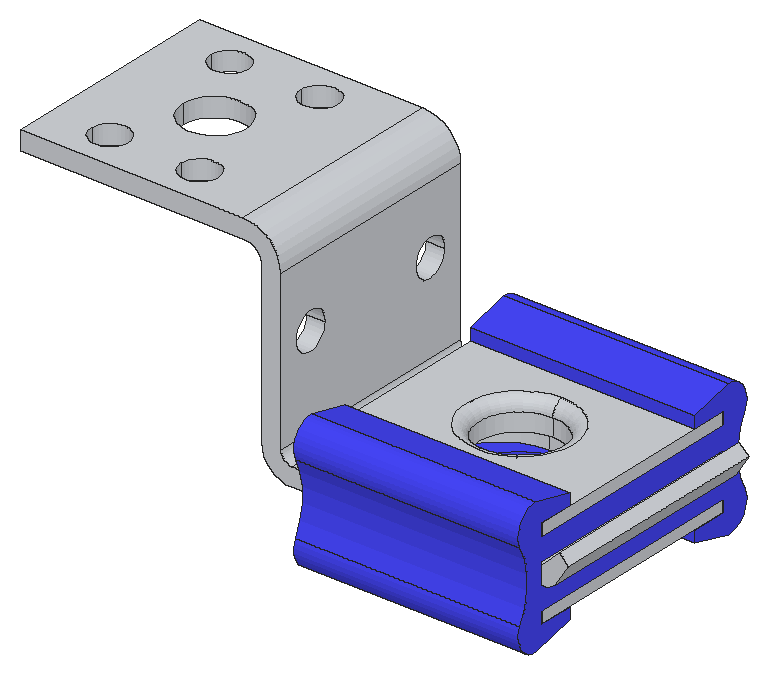
Revit family "Kanalhalter Z", category Allgemeines Modell, Revit 2017
Family settings
  Kann Basisbauteil für Bewehrung sein = Nein
  Bemaßung runder Anschluss = Durchmesser verwenden
  Teiletyp = Normal
  Arbeitsebenenbasiert = Ja
  Immer vertikal = Nein
  Beim Laden mit Abzugskörper schneiden = Nein
  Gemeinsam genutzt = Ja
  Raumberechnungspunkt = Nein
Parameters (values of type "Kanalhalter Z")
  vpe = "50 St"
  max. zul. Last stehend = 0.00 kN
  max. zul. Last hängend = 7.00 kN
  max. Temperaturbeständigkeit = "100 °C"
  Default Elevation = 1219.2 mm
  Stärke Material = 2.5 mm
  Schalldämmeinlage = "Gummi EPDM"
  Regelhalter [instance] = ""
  Mengeneinheit = "St"
  Länge = 73.5 mm
  Kurztext2 = "Höhe 30 mm Gummi gesteckt"
  Kurztext1 = "Kanalhalter Z"
  Höhe = "30 mm"
  Gewicht pro Bauteil = Gewicht  # 0.0811 kg
  Gewicht = 0.0811 kg
  Firma = "MEFA Befestigungs- und Montagesysteme GmbH"
  Fabrikat = "MEFA"
  EAN = "4250928415004"
  Dämmelementtyp = "gesteckt"
  Breite Material = "30 mm"
  Bauart = "Z"
  Ausführung = "leicht"
  Artikelnummer = "05900280"
  Anschluss = "M8/M10"
Reference planes
  plane 1 "Mitte (Vorne/hinten)": y = 0
  plane 2: z = 0
  plane 3 "Mitte (Links/rechts)": x = 0
Dimensions and locks
  aligned and locked: level to plane 2
Nested families
  nested 1: "Kanalhalterwinkel Z" at (0, 0, 0), type "MEFA Kanalhalterwinkel Z (9000618)"
  nested 2: "Teller für Kanalhalter" at (22.5, 0, -0.5) x (0, -1, 0) z (0, 0, -1), type "Teller für Kanalhalter"
  nested 3: "Teller für Kanalhalter" at (22.5, 0, 3.5) x (0, -1, 0) z (0, 0, 1), type "Teller für Kanalhalter"
  nested 4: "Gummipuffer 30x30x15" at (22.5, 0, 1.5) x (0, 1, 0) z (1, 0, 0), type "Gummipuffer 30x30x15"
Definition of nested family "Kanalhalterwinkel Z"
  Parameters (values of type "MEFA Kanalhalterwinkel Z (9000618)")
    Default Elevation = 1219.2 mm
    Regelhalter [instance] = ""
  Reference planes
    plane 1 "Mitte (Vorne/hinten)": y = 0
    plane 2: z = 0
    plane 3 "Mitte (Links/rechts)": x = 0
  Forms (mm)
    Extrusion 1, solid
      sketch origin (0, 0, 0) x (1, 0, 0) y (0, 0, 1)
        loop
          arc (0, 4) -> (1.172, 1.172) -> (4, 0) r 4
          line (4, 0) -> (37.487, 0)
          arc (37.487, 0) -> (38.456, 0.193) -> (39.277, 0.741) r 2.531
          line (39.277, 0.741) -> (41, 3.525) -> (39.763, 4.763) -> (37.5, 2.5) -> (4, 2.5)
          arc (4, 2.5) -> (2.939, 2.939) -> (2.5, 4) r 1.5
          line (2.5, 4) -> (2.5, 25)
          arc (2.5, 25) -> (1.036, 28.536) -> (-2.5, 30) r 5
          line (-2.5, 30) -> (-32.3, 30) -> (-32.3, 27.5) -> (-2.5, 27.5)
          arc (-2.5, 27.5) -> (-0.732, 26.768) -> (0, 25) r 2.5
          line (0, 25) -> (0, 4)
      from -15 to 15
    Extrusion 2, void
      sketch origin (0, 0, 0) x (1, 0, 0) y (0, 1, 0)
        loop
          arc (20, 8) -> (12, 0) -> (20, -8) r 8
          line (20, -8) -> (24, -8)
          arc (24, -8) -> (32, 0) -> (24, 8) r 8
          line (24, 8) -> (20, 8)
      from 0 to 10
    Extrusion 3, void
      sketch origin (0, 0, 0) x (0, 1, 0) y (0, 0, 1)
        loop
          circle (-10, 16) r 2.5
        loop
          circle (10, 16) r 2.5
      from 0 to 10
    Extrusion 4, void
      sketch origin (0, 0, 0) x (1, 0, 0) y (0, 1, 0)
        loop
          circle (-24.3, 10) r 2.5
        loop
          circle (-12.3, 10) r 2.5
        loop
          circle (-24.3, -10) r 2.5
        loop
          circle (-12.3, -10) r 2.5
        loop
          circle (-18.3, 0) r 4.25
      from 0 to 50
  Cuts and joins
    Extrusion 2, Extrusion 3, Extrusion 4 cuts Extrusion 1
  Dimensions and locks
    aligned and locked: level to plane 2
Definition of nested family "Teller für Kanalhalter"
  Parameters (values of type "Teller für Kanalhalter")
    Default Elevation = 1219.2 mm
    Regelhalter [instance] = ""
  Reference planes
    plane 1 "Mitte (Vorne/hinten)": y = 0
    plane 2: z = 0
    plane 3 "Mitte (Links/rechts)": x = 0
  Forms (mm)
    Extrusion 1, solid
      sketch origin (0, 0, 0) x (1, 0, 0) y (0, 1, 0)
        loop
          line (-15, -15) -> (15, -15) -> (15, 15) -> (-15, 15) -> (-15, -15)
        loop
          circle (0, 0) r 5.5
      from 0 to 4
    Extrusion 2, void
      sketch origin (0, 0, 0) x (1, 0, 0) y (0, 1, 0)
        loop
          circle (0, 0) r 7.5
        loop
          line (-15, -15) -> (15, -15) -> (15, 15) -> (-15, 15) -> (-15, -15)
      from 0 to 2.5
    Revolve 3, void
      sketch origin (0, 0, 0) x (1, 0, 0) y (0, 0, 1)
        loop
          line (11.221, 6.025) -> (2.224, 6.025) -> (2.224, 0.846) -> (5.5, 0.846) -> (5.5, 2.376)
          arc (5.5, 2.376) -> (5.976, 3.524) -> (7.124, 4) r 1.624
          line (7.124, 4) -> (11.221, 4) -> (11.221, 6.025)
        axis (0, 6.025) -> (0, 0.846)
      angle from 0 to 360
  Cuts and joins
    Extrusion 2, Revolve 3 cuts Extrusion 1
  Dimensions and locks
    aligned and locked: level to plane 2
Definition of nested family "Gummipuffer 30x30x15"
  Parameters (values of type "Gummipuffer 30x30x15")
    Default Elevation = 1219.2 mm
    Regelhalter [instance] = ""
  Reference planes
    plane 1 "Mitte (Vorne/hinten)": y = 0
    plane 2: z = 0
    plane 3 "Mitte (Links/rechts)": x = 0
  Forms (mm)
    Extrusion 1, solid
      sketch origin (0, 0, 0) x (1, 0, 0) y (0, 1, 0)
        loop
          line (0, 1.5) -> (-15.25, 1.5) -> (-15.25, -1.5) -> (0, -1.5) -> (15.25, -1.5) -> (15.25, 1.5) -> (0, 1.5)
        loop
          line (-15.25, 4.5) -> (-15.25, 6.1) -> (-10.5, 6.1) -> (-10.5, 7.6) -> (-16.054, 9)
          arc (-16.054, 9) -> (-18.584, 7.612) -> (-18.773, 4.733) r 3
          arc (-18.773, 4.733) -> (-17.582, 0) -> (-18.773, -4.733) r 10
          arc (-18.773, -4.733) -> (-18.584, -7.612) -> (-16.054, -9) r 3
          line (-16.054, -9) -> (-10.5, -7.6) -> (-10.5, -6.1) -> (-15.25, -6.1) -> (-15.25, -4.5) -> (15.25, -4.5) -> (15.25, -6.1) -> (10.5, -6.1) -> (10.5, -7.6) -> (16.054, -9)
          arc (16.054, -9) -> (18.584, -7.612) -> (18.773, -4.733) r 3
          arc (18.773, -4.733) -> (17.582, 0) -> (18.773, 4.733) r 10
          arc (18.773, 4.733) -> (18.584, 7.612) -> (16.054, 9) r 3
          line (16.054, 9) -> (10.5, 7.6) -> (10.5, 6.1) -> (15.25, 6.1) -> (15.25, 4.5) -> (-15.25, 4.5)
      from -15 to 15
    Extrusion 2, void
      sketch origin (0, 0, 0) x (1, 0, 0) y (0, 0, 1)
        loop
          circle (0, 0) r 7.5
      from -20 to 20
  Cuts and joins
    Extrusion 2 cuts Extrusion 1
  Dimensions and locks
    aligned and locked: level to plane 2
